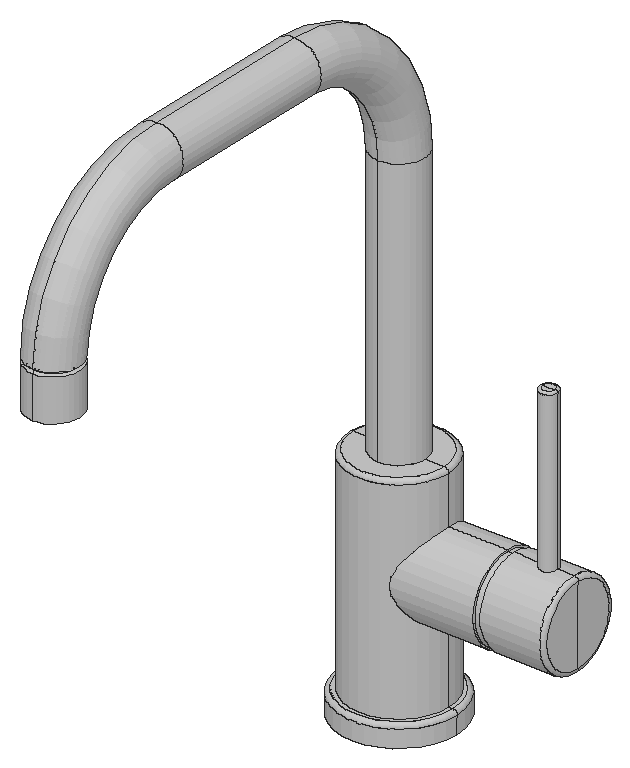
Revit family "PlumFix_Tap_ABEY_Lucia_Square Side Lever Mixer", category Plumbing Fixtures, Revit 2015
Parameters (values of type "Chrome")
  Waste Connection = no
  WFU = 0
  Vent Connection = no
  URL = "https://www.abey.com.au/"
  Type Comments = "Chrome Finish"
  PlumbingMaterial_ANZRS = z_Abey_Chrome
  Model = "3K3"
  Manufacturer_URL__Product Specific = "https://www.abey.com.au/product/kitchen/lucia-square-sidelever-mixer/"
  Manufacturer_Spec Code = Model  # "3K3"
  Manufacturer_Overall Width = 110 mm  # constant formula
  Manufacturer_Overall Height = 306 mm  # constant formula
  Manufacturer_Overall Depth = 239 mm  # constant formula
  Manufacturer_Height From FFL [instance] = 900 mm
  Manufacturer = "Abey Australia"  # constant formula
  Keynote = ""
  HWFU = 0
  HW Connection = yes
  Description = "Lucia - Square Sidelever Mixer - Chrome Finish"
  CreatedBy_ANZRS = "UNIFI Labs"  # constant formula
  CreatedByURL_ANZRS = "http://www.unifilabs.com/"
  Cost = 0
  CWFU = 0
  CW Connection = yes
  Assembly Code = ""
Types (2, lengths in mm): name | Type Comments | PlumbingMaterial_ANZRS | Model | Manufacturer_Spec Code | Description
  Chrome | "Chrome Finish" | z_Abey_Chrome | "3K3" | "3K3" | "Lucia - Square Sidelever Mixer - Chrome Finish"
  Black | "Black Finish" | z_Abey_Black | "3K3-B" | "3K3-B" | "Lucia - Square Sidelever Mixer - Black Finish"
Reference planes
  plane 1 "Center (Front/Back)": y = -122
  plane 2 "Ref. Level": z = 0
  plane 3 "Center (Left/Right)": x = -17.48
  plane 4 "Right": x = 65.52
  plane 5 "Bottom": z = 900
  plane 6 "Outlet Centerline": y = -322
  plane 7 "Base Front": y = -149
  plane 8 "Back": y = -95
  plane 9 "Front": y = -334
  plane 10 "Valve Height": z = 965
  plane 11 "Base Right": x = 9.52
  plane 12 "Left": x = -44.48
  plane 13 "Base Top": z = 910
  plane 14 "Top": z = 1206
  plane 15 "Outlet Height": z = 1114
Forms (mm)
  Sweep 1, solid, material "z_Abey_Chrome" <- "PlumbingMaterial_ANZRS"
    path origin (-17.48, 0, 0) x (0, 1, 0) y (0, 0, 1)
      loop
        line (-122, 1008) -> (-122, 1134)
        arc (-122, 1134) -> (-139.574, 1176.426) -> (-182, 1194) r 60
        line (-182, 1194) -> (-262, 1194)
        arc (-262, 1194) -> (-304.426, 1176.426) -> (-322, 1134) r 60
        line (-322, 1134) -> (-322, 1113.96)
    profile origin (-17.48, -122, 1071) x (0, -1, 0) y (1, 0, 0)
      loop
        circle (0, 0) r 12
  Extrusion 2, solid, material "z_Abey_Chrome" <- "PlumbingMaterial_ANZRS"
    sketch origin (0, 0, 900) x (-1, 0, 0) y (0, -1, 0)
      loop
        circle (27.588, 122) r 6.35
      loop
        circle (7.372, 122) r 6.35
    from 9 to 0
  Revolve 3, solid, material "z_Abey_Chrome" <- "PlumbingMaterial_ANZRS"
    sketch origin (0, -122, 0) x (1, 0, 0) y (0, 0, 1)
      loop
        line (3.52, 1009) -> (-17.48, 1009) -> (-17.48, 900) -> (9.52, 900) -> (9.52, 908)
        arc (9.52, 908) -> (8.934, 909.414) -> (7.52, 910) r 2
        line (7.52, 910) -> (5.52, 910) -> (5.52, 1007)
        arc (5.52, 1007) -> (4.934, 1008.414) -> (3.52, 1009) r 2
      axis (-17.48, 900) -> (-17.48, 1009)
    angle from 0 to 360
  Revolve 4, solid, material "z_Abey_Chrome" <- "PlumbingMaterial_ANZRS"
    sketch origin (0, -122, 0) x (1, 0, 0) y (0, 0, 1)
      loop
        line (46.133, 965) -> (46.133, 981.122)
        arc (46.133, 981.122) -> (39.654, 983.473) -> (32.8, 984.2) r 28.511
        line (32.8, 984.2) -> (32.8, 985) -> (-6.363, 985) -> (-6.363, 965) -> (46.133, 965)
      axis (46.133, 965) -> (-6.363, 965)
    angle from 0 to 360
  Revolve 5, solid, material "z_Abey_Chrome" <- "PlumbingMaterial_ANZRS"
    sketch origin (0, -122, 0) x (1, 0, 0) y (0, 0, 1)
      loop
        line (51.932, 1058.949) -> (48.932, 1058.949)
        arc (48.932, 1058.949) -> (48.225, 1058.656) -> (47.932, 1057.949) r 1
        line (47.932, 1057.949) -> (47.932, 981.759) -> (51.932, 981.759) -> (51.932, 1058.949)
      axis (51.932, 1058.949) -> (51.932, 981.759)
    angle from 0 to 360
  Extrusion 6, void
    sketch origin (0, -75, 0) x (-1, 0, 0) y (0, 0, -1)
      loop
        line (-35.992, -963.496) -> (-35.992, -945) -> (-39.575, -945) -> (-35.992, -963.496)
    from 20 to 72
  Revolve 7, solid, material "z_Abey_Chrome" <- "PlumbingMaterial_ANZRS"
    sketch origin (0, -122, 0) x (1, 0, 0) y (0, 0, 1)
      loop
        line (65.52, 965) -> (65.52, 983)
        arc (65.52, 983) -> (64.934, 984.414) -> (63.52, 985) r 2
        line (63.52, 985) -> (35.992, 985) -> (35.992, 965) -> (65.52, 965)
      axis (65.52, 965) -> (35.992, 965)
    angle from 0 to 360
  Sweep 8, void
    path origin (-17.48, -322, 1113.96) x (0, -1, 0) y (1, 0, 0)
      loop
        circle (0, 0) r 12
    profile origin (-29.48, -322, 1113.96) x (-1, 0, 0) y (0, 0, 1)
      loop
        circle (-0.023, 20.445) r 1.038
Cuts and joins
  Sweep 8 cuts Sweep 1
  Extrusion 6 cuts Revolve 7
  joined: Sweep 1, Revolve 3, Revolve 4, Revolve 5, Revolve 7
Lines and regions (mm)
  Masking region 1
    outline origin (0, 0, 900) x (-1, 0, 0) y (0, -1, 0)
      loop
        line (-32.8, 102) -> (-0.658, 102)
        arc (-0.658, 102) -> (39.786, 106.786) -> (29.48, 146.187) r 27
        line (29.48, 146.187) -> (29.48, 321.929)
        arc (29.48, 321.929) -> (17.48, 333.929) -> (5.48, 321.929) r 12
        line (5.48, 321.929) -> (5.48, 146.187)
        arc (5.48, 146.187) -> (2.266, 144.306) -> (-0.658, 142) r 27
        line (-0.658, 142) -> (-32.8, 142) -> (-32.8, 141.2)
        arc (-32.8, 141.2) -> (-34.398, 141.198) -> (-35.992, 141.07) r 20.467
        line (-35.992, 141.07) -> (-35.992, 142) -> (-63.52, 142)
        arc (-63.52, 142) -> (-64.934, 141.414) -> (-65.52, 140) r 2
        line (-65.52, 140) -> (-65.52, 104)
        arc (-65.52, 104) -> (-64.934, 102.586) -> (-63.52, 102) r 2
        line (-63.52, 102) -> (-35.992, 102) -> (-35.992, 102.93)
        arc (-35.992, 102.93) -> (-34.398, 102.802) -> (-32.8, 102.8) r 20.467
        line (-32.8, 102.8) -> (-32.8, 102)
  Masking region 2
    outline origin (0, -75, 0) x (-1, 0, 0) y (0, 0, 1)
      loop
        line (44.48, 900) -> (44.48, 907.997)
        arc (44.48, 907.997) -> (43.893, 909.413) -> (42.477, 910) r 2.003
        line (42.477, 910) -> (40.48, 910) -> (40.48, 1007.057)
        arc (40.48, 1007.057) -> (39.91, 1008.432) -> (38.534, 1009.002) r 1.946
        line (38.534, 1009.002) -> (29.48, 1009.002) -> (29.48, 1194.056)
        arc (29.48, 1194.056) -> (17.48, 1206.056) -> (5.48, 1194.056) r 12
        line (5.48, 1194.056) -> (5.48, 1009.002) -> (-3.559, 1009.002)
        arc (-3.559, 1009.002) -> (-4.946, 1008.428) -> (-5.52, 1007.041) r 1.961
        line (-5.52, 1007.041) -> (-5.52, 985) -> (-32.8, 985) -> (-32.8, 984.2)
        arc (-32.8, 984.2) -> (-34.398, 984.203) -> (-35.992, 984.07) r 18.947
        line (-35.992, 984.07) -> (-35.992, 985) -> (-47.932, 985) -> (-47.932, 1057.98)
        arc (-47.932, 1057.98) -> (-48.217, 1058.667) -> (-48.904, 1058.952) r 0.973
        line (-48.904, 1058.952) -> (-54.954, 1058.952)
        arc (-54.954, 1058.952) -> (-55.645, 1058.666) -> (-55.932, 1057.974) r 0.978
        line (-55.932, 1057.974) -> (-55.932, 985) -> (-63.526, 985)
        arc (-63.526, 985) -> (-64.936, 984.416) -> (-65.52, 983.006) r 1.994
        line (-65.52, 983.006) -> (-65.52, 947.015)
        arc (-65.52, 947.015) -> (-64.928, 945.587) -> (-63.5, 944.996) r 2.02
        line (-63.5, 944.996) -> (-39.576, 944.996) -> (-39.288, 946.478)
        arc (-39.288, 946.478) -> (-36.065, 945.935) -> (-32.8, 945.8) r 25.995
        line (-32.8, 945.8) -> (-32.8, 945) -> (-5.52, 945) -> (-5.52, 910) -> (-7.532, 910)
        arc (-7.532, 910) -> (-8.938, 909.418) -> (-9.52, 908.012) r 1.988
        line (-9.52, 908.012) -> (-9.52, 900) -> (44.48, 900)
  Masking region 3
    outline origin (-17.48, 0, 0) x (0, 1, 0) y (0, 0, 1)
      loop
        line (-334, 1114) -> (-309.987, 1114) -> (-309.987, 1133.366)
        arc (-309.987, 1133.366) -> (-311.006, 1134.396) -> (-309.965, 1135.403) r 1.019
        arc (-309.965, 1135.403) -> (-295.019, 1168.404) -> (-261.4, 1181.903) r 48.611
        line (-261.4, 1181.903) -> (-181.56, 1181.903)
        arc (-181.56, 1181.903) -> (-147.95, 1167.981) -> (-134.028, 1134.371) r 47.532
        line (-134.028, 1134.371) -> (-134.028, 1009) -> (-143, 1009)
        arc (-143, 1009) -> (-144.414, 1008.414) -> (-145, 1007) r 2
        line (-145, 1007) -> (-145, 910) -> (-146.975, 910)
        arc (-146.975, 910) -> (-148.407, 909.407) -> (-149, 907.975) r 2.025
        line (-149, 907.975) -> (-149, 900) -> (-95, 900) -> (-95, 908.043)
        arc (-95, 908.043) -> (-95.573, 909.427) -> (-96.957, 910) r 1.957
        line (-96.957, 910) -> (-99, 910) -> (-99, 1007.002)
        arc (-99, 1007.002) -> (-99.585, 1008.415) -> (-100.998, 1009) r 1.998
        line (-100.998, 1009) -> (-110, 1009) -> (-110, 1134.301)
        arc (-110, 1134.301) -> (-131, 1185) -> (-181.699, 1206) r 71.699
        line (-181.699, 1206) -> (-264, 1206)
        arc (-264, 1206) -> (-313.694, 1185.3) -> (-333.998, 1135.443) r 70
        arc (-333.998, 1135.443) -> (-332.963, 1134.404) -> (-334, 1133.368) r 1.037
        line (-334, 1133.368) -> (-334, 1114)
  symbolic lines, style "Taps/Mixers", detail levels medium+fine
    curve 1: line (-29.48, -75, 1009.002) -> (-5.48, -75, 1009.002)
    curve 3: arc (-5.48, -141.621, 900) -> (-17.496, -99, 900) -> (-29.452, -141.638, 900) r 23
    curve 6: line (0.658, -102, 900) -> (-6.122, -102, 900)
    curve 7: line (0.658, -142, 900) -> (-5.48, -142, 900)
    curve 8: line (-5.48, -146.187, 900) -> (-5.48, -121.799, 900)
    curve 9: line (-29.452, -121.799, 900) -> (-29.452, -146.187, 900)
    curve 10: arc (-5.48, -121.799, 900) -> (-17.466, -109.813, 900) -> (-29.452, -121.799, 900) r 11.986
    curve 12: line (-29.48, -334, 1113.96) -> (-5.48, -334, 1113.96)
    curve 15: arc (5.52, -334, 985) -> (-5.722, -334, 965) -> (5.52, -334, 945) r 23.411
    curve 19: arc (47.932, -334, 985) -> (51.932, -334, 984.569) -> (55.932, -334, 985) r 18.761
    curve 22: line (-17.48, -134.287, 1009) -> (-17.48, -126.008, 1009)
    curve 23: line (-17.48, -117.992, 1009) -> (-17.48, -110, 1009)
    curve 24: line (-17.48, -126.008, 984.594) -> (-17.48, -126.008, 1058.949)
    curve 25: line (-17.48, -117.992, 984.594) -> (-17.48, -117.992, 1058.949)
    curve 26: line (-17.48, -117.992, 1058.949) -> (-17.48, -126.008, 1058.949)
    curve 27: circle (-17.48, -122, 965) r 20 normal (1, 0, 0)
  symbolic lines, style "Taps/Mixers", detail levels fine
    curve 2: line (-17.48, -99, 910) -> (-17.48, -145, 910)
    curve 4: line (35.992, -102, 900) -> (35.992, -142, 900)
    curve 5: line (32.8, -102, 900) -> (32.8, -142, 900)
    curve 11: line (-40.48, -334, 910) -> (5.52, -334, 910)
    curve 13: line (-29.48, -334, 1135.434) -> (-5.305, -334, 1135.434)
    curve 14: line (-29.48, -334, 1133.368) -> (-5.48, -334, 1133.368)
    curve 16: line (32.8, -334, 984.2) -> (32.8, -334, 945.8)
    curve 17: line (39.288, -334, 946.478) -> (35.992, -334, 963.496)
    curve 18: line (35.992, -334, 963.496) -> (35.992, -334, 984.07)
    curve 20: line (-17.48, -333.986, 1135.443) -> (-17.48, -310.141, 1135.443)
    curve 21: line (-17.48, -334, 1133.368) -> (-17.48, -310, 1133.368)
    curve 28: arc (47.932, -122, 900) -> (51.932, -118, 900) -> (55.932, -122, 900) r 4
    curve 29: arc (55.932, -122, 900) -> (51.932, -126, 900) -> (47.932, -122, 900) r 4
Text (mm)
  text "Disclaimer:\n\nDue to ongoing product development and manufacturing evolution, product details are subject to change without notice.\n\nPlease refer to product technical data sheets on www.abey.com.au for the most current product information. Please allow a +/- 5mm tolerance for dimensions and set-outs shown in product literature.\n\n© 2017 Abey Australia" at (148.422, -135.688, 0), in view "Ref. Level_Instruction"
Dimensions and locks
  "Manufacturer_Height From FFL": plane 5 "Bottom" to level
  "Manufacturer_Overall Depth": plane 9 "Front" to plane 8 "Back"
  "Manufacturer_Overall Height": plane 14 "Top" to plane 5 "Bottom"
  locked: plane 5 "Bottom" to plane 15 "Outlet Height" at 214
  plane 5 "Bottom" to plane 13 "Base Top" to plane 10 "Valve Height" = 10 mm locked, 55 mm locked
  locked: plane 6 "Outlet Centerline" to plane 1 "Center (Front/Back)" at 200
  equal spacing: plane 7 "Base Front", plane 1 "Center (Front/Back)", plane 8 "Back"
  equal spacing: plane 12 "Left", plane 3 "Center (Left/Right)", plane 11 "Base Right"
  "Manufacturer_Overall Width": plane 12 "Left" to plane 4 "Right"
Automatic sketch dimensions
  Sweep 1 sketch curve to plane 3 "Center (Left/Right)" = 0 mm
  Sweep 1 sketch curve to profile plane = 0 mm
  plane 1 "Center (Front/Back)" to Extrusion 2 sketch curve = 0 mm  (x2)
  plane 3 "Center (Left/Right)" to Extrusion 2 sketch curve = 10.108 mm
  Extrusion 2 sketch curve to plane 3 "Center (Left/Right)" = 10.108 mm
  Revolve 3 sketch curve to plane 3 "Center (Left/Right)" = 0 mm  (x2)
  Revolve 3 sketch curve to plane 13 "Base Top" = 0 mm
  Revolve 3 sketch curve to plane 11 "Base Right" = 0 mm
  Revolve 3 sketch curve to plane 5 "Bottom" = 0 mm
  plane 11 "Base Right" to Revolve 3 sketch curve = 6 mm
  plane 11 "Base Right" to Revolve 3 sketch curve = 4 mm
  Revolve 3 sketch curve to Revolve 3 sketch curve = 2 mm
  plane 10 "Valve Height" to Revolve 3 sketch curve = 42 mm
  Revolve 3 sketch curve to level = 20.026 mm
  plane 14 "Top" to Revolve 3 sketch curve = 30.459 mm
  Revolve 4 sketch curve to plane 10 "Valve Height" = 0 mm  (x2)
  plane 4 "Right" to Revolve 4 sketch curve = 0 mm
  Revolve 4 sketch curve to Revolve 4 sketch curve = 19.387 mm
  Revolve 4 sketch curve to Revolve 4 sketch curve = 12.893 mm
  Revolve 4 sketch curve to Revolve 4 sketch curve = 13.333 mm
  plane 3 "Center (Left/Right)" to Revolve 4 sketch curve = 11.117 mm
  Revolve 4 sketch curve to plane 10 "Valve Height" = 9.307 mm
  Revolve 4 sketch curve to Revolve 4 sketch curve = 16.122 mm
  Revolve 4 sketch curve to Revolve 4 sketch curve = 20 mm
  Revolve 4 sketch curve to Revolve 4 sketch curve = 1.393 mm
  plane 4 "Right" to Revolve 5 sketch curve = 17.588 mm
  Revolve 5 sketch curve to Revolve 5 sketch curve = 1 mm
  Revolve 5 sketch curve to Revolve 5 sketch curve = 4 mm
  plane 10 "Valve Height" to Revolve 5 sketch curve = 16.759 mm
  Revolve 5 sketch curve to Revolve 5 sketch curve = 76.191 mm
  Revolve 5 sketch curve to Revolve 5 sketch curve = 0 mm  (x2)
  plane 10 "Valve Height" to Revolve 5 sketch curve = 7.526 mm
  Extrusion 6 sketch curve to plane 4 "Right" = 25.945 mm
  plane 10 "Valve Height" to Extrusion 6 sketch curve = 1.504 mm
  Extrusion 6 sketch curve to Extrusion 6 sketch curve = 3.583 mm
  Extrusion 6 sketch curve to Extrusion 6 sketch curve = 18.496 mm
  Revolve 7 sketch curve to plane 10 "Valve Height" = 0 mm  (x2)
  plane 4 "Right" to Revolve 7 sketch curve = 0 mm  (x2)
  Revolve 7 sketch curve to Revolve 7 sketch curve = 2 mm
  Revolve 7 sketch curve to Revolve 7 sketch curve = 27.528 mm
  Revolve 7 sketch curve to Revolve 7 sketch curve = 18 mm
  Revolve 7 sketch curve to Revolve 7 sketch curve = 0 mm
  Sweep 1 sketch curve to plane 6 "Outlet Centerline" = 0 mm
  Sweep 1 sketch curve to plane 1 "Center (Front/Back)" = 0 mm
  Sweep 1 sketch curve to plane 6 "Outlet Centerline" = 60 mm
  plane 7 "Base Front" to Sweep 1 sketch curve = 33 mm
  plane 15 "Outlet Height" to Sweep 1 sketch curve = 20 mm
  Sweep 1 sketch curve to plane 15 "Outlet Height" = 0.04 mm
  plane 10 "Valve Height" to Sweep 1 sketch curve = 43 mm
  profile plane to Sweep 8 sketch curve = 0.023 mm
  profile plane to Sweep 8 sketch curve = 20.445 mm
  Masking region 1 sketch curve to Masking region 1 sketch curve = 0 mm  (x4)
  Masking region 1 sketch curve to plane 4 "Right" = 0 mm
  plane 1 "Center (Front/Back)" to Masking region 1 sketch curve = 0 mm
  Masking region 1 sketch curve to plane 3 "Center (Left/Right)" = 0 mm  (x2)
  plane 4 "Right" to Masking region 1 sketch curve = 2 mm
  Masking region 1 sketch curve to Masking region 1 sketch curve = 2 mm
  plane 8 "Back" to Masking region 1 sketch curve = 7 mm
  Masking region 1 sketch curve to plane 11 "Base Right" = 26.472 mm  (x2)
  Masking region 1 sketch curve to plane 7 "Base Front" = 7 mm
  plane 1 "Center (Front/Back)" to Masking region 1 sketch curve = 1.253 mm
  Masking region 1 sketch curve to Masking region 1 sketch curve = 2.424 mm
  Masking region 1 sketch curve to plane 1 "Center (Front/Back)" = 1.253 mm
  Masking region 1 sketch curve to Masking region 1 sketch curve = 3.192 mm  (x2)
  plane 11 "Base Right" to Masking region 1 sketch curve = 8.862 mm  (x2)
  Masking region 1 sketch curve to plane 6 "Outlet Centerline" = 0.071 mm
  plane 3 "Center (Left/Right)" to Masking region 1 sketch curve = 12 mm
  Masking region 1 sketch curve to Masking region 1 sketch curve = 0.8 mm  (x2)
  Masking region 1 sketch curve to Masking region 1 sketch curve = 0.93 mm
  plane 1 "Center (Front/Back)" to curve 3 = 0 mm
  curve 3 to plane 3 "Center (Left/Right)" = 0 mm
  plane 3 "Center (Left/Right)" to curve 10 = 0.014 mm
  curve 8 to plane 1 "Center (Front/Back)" = 0.201 mm
  curve 8 to curve 10 = 11.986 mm
  plane 3 "Center (Left/Right)" to curve 6 = 11.358 mm
  curve 7 to curve 7 = 6.138 mm
  curve 6 to curve 6 = 6.781 mm
  plane 8 "Back" to curve 5 = 7 mm
  curve 5 to plane 11 "Base Right" = 23.28 mm
  curve 4 to curve 5 = 3.192 mm
  plane 8 "Back" to curve 6 = 7 mm
  curve 5 to curve 4 = 0 mm  (x2)
  curve 4 to plane 7 "Base Front" = 7 mm
  curve 3 to curve 7 = 0.379 mm
  curve 9 to plane 7 "Base Front" = 2.813 mm
  curve 8 to plane 7 "Base Front" = 2.813 mm
  plane 4 "Right" to Masking region 2 sketch curve = 0 mm
  Masking region 2 sketch curve to plane 5 "Bottom" = 0 mm
  plane 11 "Base Right" to Masking region 2 sketch curve = 0 mm
  Masking region 2 sketch curve to plane 13 "Base Top" = 0 mm  (x2)
  Masking region 2 sketch curve to plane 3 "Center (Left/Right)" = 0 mm
  Masking region 2 sketch curve to plane 12 "Left" = 0 mm
  plane 4 "Right" to Masking region 2 sketch curve = 1.994 mm
  Masking region 2 sketch curve to Masking region 2 sketch curve = 2.02 mm
  Masking region 2 sketch curve to Masking region 2 sketch curve = 7.594 mm
  Masking region 2 sketch curve to Masking region 2 sketch curve = 0.978 mm
  Masking region 2 sketch curve to Masking region 2 sketch curve = 6.049 mm
  Masking region 2 sketch curve to Masking region 2 sketch curve = 8 mm
  Masking region 2 sketch curve to Masking region 2 sketch curve = 23.925 mm
  Masking region 2 sketch curve to Masking region 2 sketch curve = 0.287 mm
  Masking region 2 sketch curve to Masking region 2 sketch curve = 11.94 mm
  plane 10 "Valve Height" to Masking region 2 sketch curve = 0.271 mm
  Masking region 2 sketch curve to Masking region 2 sketch curve = 2.362 mm
  Masking region 2 sketch curve to Masking region 2 sketch curve = 0.267 mm
  Masking region 2 sketch curve to Masking region 2 sketch curve = 6.489 mm
  Masking region 2 sketch curve to Masking region 2 sketch curve = 3.192 mm
  Masking region 2 sketch curve to Masking region 2 sketch curve = 1.988 mm
  plane 11 "Base Right" to Masking region 2 sketch curve = 4 mm  (x2)
  Masking region 2 sketch curve to Masking region 2 sketch curve = 1.961 mm
  Masking region 2 sketch curve to Masking region 2 sketch curve = 9.039 mm
  plane 12 "Left" to Masking region 2 sketch curve = 5.946 mm
  Masking region 2 sketch curve to Masking region 2 sketch curve = 1.946 mm  (x2)
  plane 12 "Left" to Masking region 2 sketch curve = 2.003 mm
  Masking region 2 sketch curve to plane 10 "Valve Height" = 20.004 mm
  Masking region 2 sketch curve to plane 10 "Valve Height" = 20 mm
  Masking region 2 sketch curve to Masking region 2 sketch curve = 0.8 mm  (x2)
  Masking region 2 sketch curve to Masking region 2 sketch curve = 1.483 mm
  plane 10 "Valve Height" to Masking region 2 sketch curve = 18.006 mm
  Masking region 2 sketch curve to Masking region 2 sketch curve = 12.281 mm
  Masking region 2 sketch curve to Masking region 2 sketch curve = 0.93 mm
  Masking region 2 sketch curve to Masking region 2 sketch curve = 22.041 mm
  Masking region 2 sketch curve to plane 15 "Outlet Height" = 56.026 mm
  Masking region 2 sketch curve to plane 14 "Top" = 11.944 mm
  curve 1 to plane 3 "Center (Left/Right)" = 12 mm
  plane 3 "Center (Left/Right)" to curve 1 = 12 mm
  curve 1 to plane 10 "Valve Height" = 44.002 mm
  curve 15 to plane 10 "Valve Height" = 0 mm
  curve 11 to plane 13 "Base Top" = 0 mm
  curve 19 to plane 4 "Right" = 13.588 mm
  plane 10 "Valve Height" to curve 18 = 1.504 mm
  plane 11 "Base Right" to curve 18 = 26.472 mm
  plane 11 "Base Right" to curve 15 = 8.169 mm
  curve 19 to plane 10 "Valve Height" = 38.329 mm
  curve 19 to plane 4 "Right" = 9.588 mm
  curve 19 to curve 19 = 8 mm
  curve 17 to curve 17 = 3.297 mm
  curve 18 to curve 16 = 3.192 mm
  curve 15 to plane 11 "Base Right" = 4 mm  (x2)
  curve 11 to plane 11 "Base Right" = 4 mm
  curve 13 to plane 3 "Center (Left/Right)" = 12.175 mm
  plane 15 "Outlet Height" to curve 12 = 0.04 mm
  curve 12 to plane 3 "Center (Left/Right)" = 12 mm
  curve 13 to curve 14 = 0.175 mm
  plane 3 "Center (Left/Right)" to curve 12 = 12 mm
  plane 3 "Center (Left/Right)" to curve 14 = 12 mm
  curve 14 to curve 13 = 0 mm
  curve 11 to plane 12 "Left" = 4 mm
  plane 10 "Valve Height" to curve 15 = 20 mm
  curve 16 to curve 17 = 17.696 mm
  curve 16 to curve 17 = 0.678 mm
  curve 18 to plane 10 "Valve Height" = 19.07 mm
  curve 18 to curve 16 = 0.13 mm
  curve 19 to curve 19 = 18.329 mm
  curve 14 to plane 15 "Outlet Height" = 19.368 mm
  curve 14 to curve 13 = 2.066 mm
  Masking region 3 sketch curve to plane 15 "Outlet Height" = 0 mm
  Masking region 3 sketch curve to plane 14 "Top" = 0 mm
  Masking region 3 sketch curve to plane 5 "Bottom" = 0 mm
  Masking region 3 sketch curve to plane 7 "Base Front" = 0 mm
  Masking region 3 sketch curve to plane 13 "Base Top" = 0 mm  (x2)
  Masking region 3 sketch curve to plane 8 "Back" = 0 mm
  Masking region 3 sketch curve to plane 6 "Outlet Centerline" = 12.013 mm
  Masking region 3 sketch curve to Masking region 3 sketch curve = 2.6 mm
  plane 7 "Base Front" to Masking region 3 sketch curve = 32.699 mm
  Masking region 3 sketch curve to Masking region 3 sketch curve = 0.139 mm
  Masking region 3 sketch curve to plane 7 "Base Front" = 2.025 mm
  Masking region 3 sketch curve to Masking region 3 sketch curve = 1.975 mm
  Masking region 3 sketch curve to Masking region 3 sketch curve = 2 mm
  Masking region 3 sketch curve to Masking region 3 sketch curve = 8.972 mm
  Masking region 3 sketch curve to plane 1 "Center (Front/Back)" = 12 mm
  plane 8 "Back" to Masking region 3 sketch curve = 5.998 mm
  plane 8 "Back" to Masking region 3 sketch curve = 4 mm
  plane 8 "Back" to Masking region 3 sketch curve = 1.957 mm
  plane 10 "Valve Height" to Masking region 3 sketch curve = 42 mm
  Masking region 3 sketch curve to Masking region 3 sketch curve = 1.998 mm
  Masking region 3 sketch curve to Masking region 3 sketch curve = 2.708 mm
  Masking region 3 sketch curve to Masking region 3 sketch curve = 1.019 mm
  Masking region 3 sketch curve to Masking region 3 sketch curve = 1.037 mm
  Masking region 3 sketch curve to plane 9 "Front" = 0 mm
  Masking region 3 sketch curve to plane 9 "Front" = 0.002 mm
  plane 15 "Outlet Height" to Masking region 3 sketch curve = 19.368 mm
  plane 15 "Outlet Height" to Masking region 3 sketch curve = 19.366 mm
  Masking region 3 sketch curve to Masking region 3 sketch curve = 0.07 mm
  curve 21 to plane 9 "Front" = 0 mm
  curve 2 to plane 13 "Base Top" = 0 mm
  curve 27 to plane 1 "Center (Front/Back)" = 0 mm
  curve 27 to plane 10 "Valve Height" = 0 mm
  plane 1 "Center (Front/Back)" to curve 24 = 4.008 mm
  plane 10 "Valve Height" to curve 25 = 19.594 mm
  curve 24 to curve 25 = 0 mm
  curve 26 to plane 15 "Outlet Height" = 55.051 mm
  curve 20 to plane 9 "Front" = 0.014 mm
  curve 20 to plane 6 "Outlet Centerline" = 11.859 mm
  curve 20 to curve 21 = 0.141 mm
  curve 2 to plane 7 "Base Front" = 4 mm
  curve 22 to curve 22 = 8.278 mm
  curve 23 to curve 23 = 7.992 mm
  plane 8 "Back" to curve 2 = 4 mm
  curve 25 to curve 23 = 24.406 mm
  curve 22 to curve 23 = 0 mm
  plane 15 "Outlet Height" to curve 21 = 19.368 mm
  curve 21 to curve 20 = 2.075 mm
  curve 28 to curve 29 = 0 mm  (x2)
  plane 1 "Center (Front/Back)" to curve 28 = 0 mm
  plane 4 "Right" to curve 28 = 13.588 mm
  curve 28 to curve 29 = 4 mm
  radius of Sweep 1 sketch curve = 12 mm
  radius of Extrusion 2 sketch curve = 6.35 mm  (x2)
  radius of Sweep 8 sketch curve to Sweep 1 = 0 mm
  radius of Sweep 8 sketch curve = 1.038 mm
Connectors
  piping at (-27.588, -122, 900), diameter 12.7, driven by "HW Connection"
    settings: on Extrusion 2, index 5, connector inside diameter 609.6 mm, connector length 0 mm, flow factor 0, pipe flow 0.000 L/s, pressure drop 0.0 Pa, fitting loss kfactor 0, connector angle 0.00°, fixture units 0, engagement length 0 mm, angle of deflection 0.00°, flow configuration 2, flow direction 1, fitting loss method 0, system type 19, joint type 0, gender type 0, connector reference index -1, connector utility 1, adjustable connector no, is connector primary yes, connector description ""
  piping at (-7.372, -122, 900), diameter 12.7, driven by "CW Connection"
    settings: on Extrusion 2, index 6, connector inside diameter 609.6 mm, connector length 0 mm, flow factor 0, pipe flow 0.000 L/s, pressure drop 0.0 Pa, fitting loss kfactor 0, connector angle 0.00°, fixture units 0, engagement length 0 mm, angle of deflection 0.00°, flow configuration 2, flow direction 1, fitting loss method 0, system type 20, joint type 0, gender type 0, connector reference index -1, connector utility 1, adjustable connector no, is connector primary no, connector description ""
